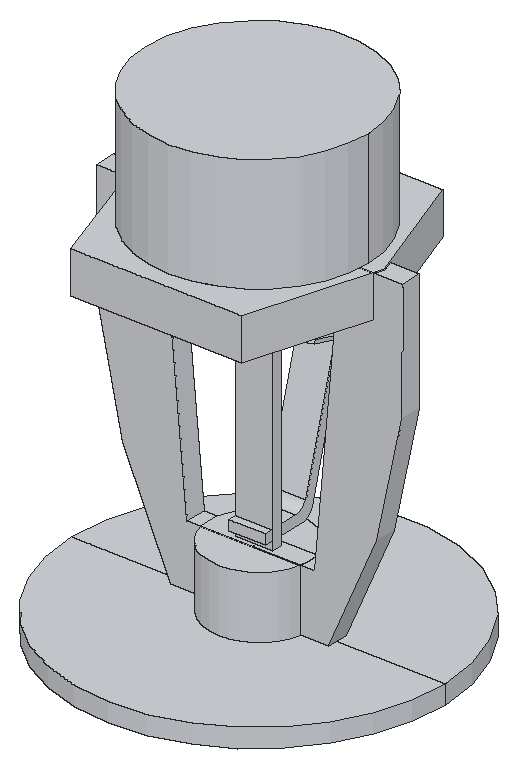
Revit family "P251", category Sprinklers, Revit 2022
Family settings
  Round Connector Dimension = Use Diameter
  Part Type = Normal
  OmniClass Number = 23.85.30.21
  OmniClass Title = Environmental Detection/Registration
  Work Plane-Based = No
  Always vertical = Yes
  Cut with Voids When Loaded = No
  Maintain Annotation Orientation = No
  Shared = No
  Room Calculation Point = No
Parameters (values of type "RASCO P25 ESFR PENDENT")
  Temperature Rating = 165 °F
  Response = Quick
  RASCO SIN # = "R602"
  RASCO Part # = "P251"
  Pressure Rating = "175 PSI"
  Pressure Class = Standard
  Orifice Size = 1"
  Orifice = Standard
  Model = "P25"
  Manufacturer = "RASCO"
  K-Factor = 25.2
  Description = "BRONZE FINISH"
  Default Elevation = 0' - 0"
  Coverage = Standard
Reference planes (in)
  plane 1 "Center (Front/Back)": y = 0
  plane 2: z = 0
  plane 3 "Center (Left/Right)": x = 0
Nested families (in)
  nested 1: "RASCO- P251" at (0.04986, -0.33503, 3.7699) x (-1, 0, 0) z (0, 0, -1), type "RASCO P25 ESFR PENDENT"
Connectors (in)
  piping at (0.04986, -0.33503, 3.7699), diameter 1.375
    settings: on nested 1, index 1, connector inside diameter 1 3/8", connector length 0' - 0", flow factor 0, pipe flow 0 GPM, pressure drop 0.00 psi, fitting loss kfactor 0, connector angle 0.00°, fixture units 0, engagement length 0' - 0", angle of deflection 0.00°, flow configuration 0, flow direction 0, fitting loss method 0, system type 7, joint type 0, gender type 0, connector reference index -1, connector utility 0, adjustable connector no, is connector primary yes, connector description ""
Definition of nested family "RASCO- P251"
  Parameters (values of type "RASCO P22 ESFR PENDENT")
    Type Comments = ""
    Temperature Rating = 0 °F
    Response = (empty or 0)
    Pressure Rating = "0"
    Pressure Class = (empty or 0)
    Orifice Size = 0"
    Orifice = (empty or 0)
    Model = ""
    Manufacturer = ""
    K-Factor = 0
    Description = ""
    Default Elevation = 0' - 0"
    Coverage = (empty or 0)
    Assembly Code = ""
  Reference planes (in)
    plane 1 "Center (Front/Back)": y = 0
    plane 2: z = 0
    plane 3 "ref.2": z = 0.6875
    plane 4 "ref.3": z = 0.9375
    plane 5: x = -0.38065
    plane 6: x = 0.36935
    plane 7 "ref. side 1": y = 0.06402
    plane 8 "ref. side 2": y = -0.06098
    plane 9 "ref.4": z = 2.6
    plane 10 "ref.5": z = 2.875
    plane 11 "center": x = -0.00574
    plane 12 "clip": through (0, 0.52703, 1.36085) normal (0, 0.2756, -0.9613)
  Forms (in)
    Extrusion 1, solid
      sketch origin (0, 0, 0) x (1, 0, 0) y (0, 1, 0)
        loop
          circle (0, 0) r 0.659
      from 0 to 0.6875
    Extrusion 2, solid
      sketch origin (-0.12185, 0.05177, 0.6875) x (1, 0, 0) y (0, 1, 0)
        loop
          line (-0.37766, 0.70082) -> (-0.6339, -0.05177) -> (-0.3889, -0.80818) -> (0.62234, -0.80818) -> (0.8661, -0.05177) -> (0.62234, 0.70082) -> (-0.37766, 0.70082)
      from 0 to 0.25
    Extrusion 3, solid
      sketch origin (0, 0, 0) x (1, 0, 0) y (0, 0, 1)
        loop
          line (-0.90843, 0.6875) -> (-0.51342, 0.6875) -> (-0.51342, 0.98724)
          arc (-0.51342, 0.98724) -> (-0.48204, 1.6933) -> (-0.38814, 2.39379) r 7.95835
          line (-0.38814, 2.39379) -> (0.37037, 2.39379)
          arc (0.37037, 2.39379) -> (0.46398, 1.71156) -> (0.49527, 1.02363) r 7.57793
          line (0.49527, 1.02363) -> (0.49527, 0.6875) -> (0.90386, 0.6875)
          arc (0.90386, 0.6875) -> (0.84273, 1.75883) -> (0.46543, 2.76338) r 3.56334
          line (0.46543, 2.76338) -> (-0.47158, 2.76338)
          arc (-0.47158, 2.76338) -> (-0.84808, 1.7587) -> (-0.90843, 0.6875) r 3.563
      from -0.06402 to 0.06098
    Extrusion 4, solid
      sketch origin (-0.00199, 0, 3.1625) x (-1, 0, 0) y (0, -1, 0)
        loop
          circle (0.00574, -0.00152) r 0.3
      from -0.76871 to -0.2875
    Revolve 5, solid
      sketch origin (-0.00076, 0, 0.43029) x (1, 0, 0) y (0, 0, 1)
        loop
          line (-0.19255, 2.33309) -> (-0.19255, 2.44471) -> (-0.34939, 2.44471) -> (-1.11507, 2.44471) -> (-1.11507, 2.33309) -> (-0.19255, 2.33309)
        axis (-0.00574, 2.33309) -> (-0.00574, 2.44471)
      angle from 0 to 360
    Extrusion 6, solid
      sketch origin (0, 0, 0.9375) x (-1, 0, 0) y (0, -1, 0)
        loop
          line (-0.10175, -0.02852) -> (0.11324, -0.02852) -> (0.11324, 0.03101) -> (-0.10175, 0.03101) -> (-0.10175, -0.02852)
      from 0 to 1.45629
    Extrusion 7, solid
      sketch origin (-0.00574, 0, 0) x (0, 0, -1) y (0, -1, 0)
        loop
          line (-2.34418, 0.08154) -> (-2.34418, -0.18975)
          arc (-2.34418, -0.18975) -> (-2.3294, -0.23392) -> (-2.29102, -0.2603) r 0.07339
          line (-2.29102, -0.2603) -> (-1.29471, -0.54599) -> (-1.27823, -0.48852) -> (-2.23088, -0.21535)
          arc (-2.23088, -0.21535) -> (-2.26901, -0.18915) -> (-2.28369, -0.14527) r 0.07291
          line (-2.28369, -0.14527) -> (-2.28369, 0.08154) -> (-2.34418, 0.08154)
      from -0.1075 to 0.1075
    Extrusion 8, solid
      sketch origin (0, -0.32053, 1.11781) x (0, 0.961262, 0.275637) y (1, 0, 0)
        loop
          line (0.84059, -0.34079) -> (0.916, -0.26539) -> (0.916, 0.24563) -> (0.84145, 0.32018) -> (0.33718, 0.32018) -> (0.26218, 0.24518) -> (0.26218, -0.26617) -> (0.3368, -0.34079) -> (0.84059, -0.34079)
      from -0.01906 to 0
  Cuts and joins
    joined: Extrusion 1, Extrusion 2, Revolve 5
